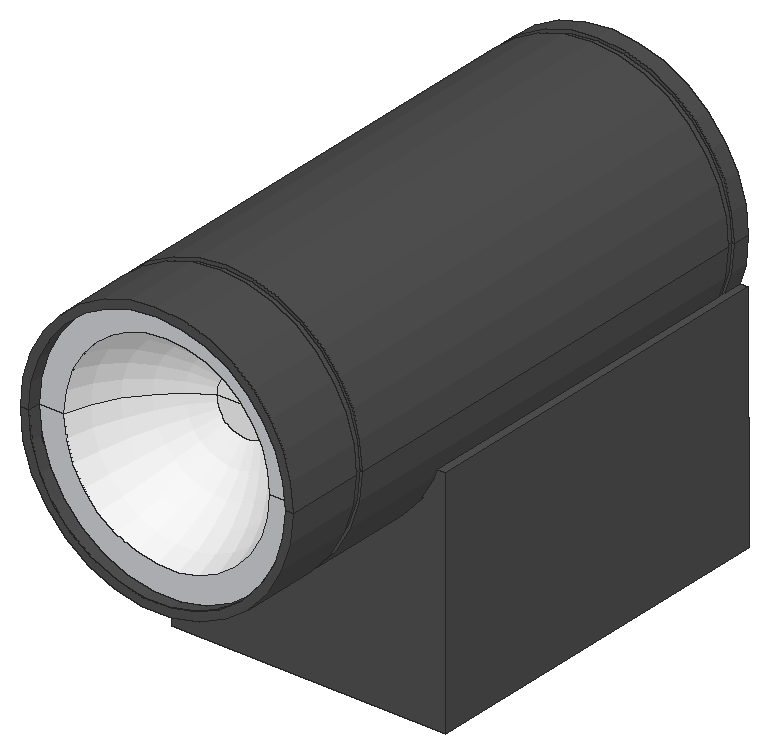
Revit family "0047058", category Lighting Fixtures, host Face, Revit 2016
Family settings
  Host = Face
  Part Type = Normal
  Round Connector Dimension = Use Diameter
  OmniClass Number = 23.80.70.00
  OmniClass Title = Lighting
  Cut with Voids When Loaded = No
  Light Source = Yes
  Shared = No
  Room Calculation Point = No
Parameters (values of type "0047058 ST SRF WLL R IP54 465LM 830 BLK")
  Weight = "8.0 kg"
  Wattage Comments = ""
  Wattage = 7 W
  WarrantyStartDate [instance] = "n/a"
  WarrantyGuarantorParts = "n/a"
  WarrantyDurationUnit = "n/a"
  WarrantyDurationParts = "n/a"
  WarrantyDescription = "n/a"
  built-in parameter 1150110 = 1 (stored number, unit not read)
  Voltage = 230 V
  URL = "http://www.sylvania-lighting.com"
  TypeName = "START Surface Wall Round IP54 465lm 830 BLK"
  Type Image = <None>
  Type Comments = "n/a"
  built-in parameter 1114217 = 1 (stored number, unit not read)
  Tilt Angle = -90.00°
  built-in parameter 1150109 = 1 (stored number, unit not read)
  built-in parameter 1150134 = 12
  built-in parameter 1150113 = 1 (stored number, unit not read)
  SerialNumber [instance] = "n/a"
  Photometric Web File = "0047058.ies"
  Material_3_SYL = Lens-Sylvania
  PowerFactor = 0.82
  PowerConsumption = "7 W"
  NominalLength = 135 mm
  NominalHeight = 65 mm
  NominalDepth = 99 mm
  Name = "START Surface Wall Round IP54 465lm 830 BLK"
  ModelReference = Name  # "START Surface Wall Round IP54 465lm 830 BLK"
  ModelNumber = "0047058"
  Model = Name  # "START Surface Wall Round IP54 465lm 830 BLK"
  Material = "aluminum housing, glass diffuser"
  ManufacturerName = "Feilo Sylvania"
  Manufacturer = "Feilo Sylvania"
  LuminousEfficacy = "66 lm/W"
  built-in parameter 1150105 = 36.765 (stored number, unit not read)
  Lumens = 462 lm
  LuminaireType = ""
  built-in parameter 1150115 = 1 (stored number, unit not read)
  LightOutputRatio = "n/a"
  built-in parameter 1150137 = (empty or 0)
  built-in parameter 1150139 = (empty or 0)
  LampsType = Lamp  # "LED"
  LampNominalLuminous = "465 lm"
  LampMacAdamStep = "6"
  LampColourTemperature = "4000 K"
  LampColourRenderingIndex = "80"
  built-in parameter 1150112 = 1 (stored number, unit not read)
  built-in parameter 1150114 = 1 (stored number, unit not read)
  Lamp = "LED"
  Keynote = "16500"
  InstallationDate [instance] = "n/a"
  InputVoltage = "n/a"
  InputNominalFrequency = "n/a"
  built-in parameter 1150132 = (empty or 0)
  built-in parameter 1150102 = (empty or 0)
  built-in parameter 1150107 = 4000 (stored number, unit not read)
  built-in parameter 1150138 = (empty or 0)
  IngressProtection = "IP54"
  ImpactProtectionIndex = "IK07"
  built-in parameter 1150106 = 0.36765 (stored number, unit not read)
  IfcExportType = "IfcLightFixtureType"
  IfcExportAs = "IfcLightFixtureType"
  Emit from Circle Diameter = 45 mm
  Emit Shape Visible in Rendering = no
  ElectricShockClassification = "Class I"
  built-in parameter 1150104 = 6.1316 (stored number, unit not read)
  DocumentationLiterature = "http://www.sylvania-lighting.com/product/en-int/products/0047058"
  DimmingControlOptions = "n/a"
  Material_2_SYL = LED-Sylvania
  Dimming Lamp Color Temperature Shift = <None>
  Description = ""
  Default Elevation = 1219.2 mm
  CreatedOn = "1/31/2019"
  CreatedBy = "@sylvania-lighting.com"
  Cost = 0
  Color Filter = 16777215
  built-in parameter 1114216 [instance] = (empty or 0)
  ClassificationValue = "EF_70_80"
  ClassificationName = "Uniclass2015"
  Material_1_SYL = Body-Sylvania-STARTSurfaceWall
  BarCode [instance] = "n/a"
  built-in parameter 1114218 = 1 (stored number, unit not read)
  built-in parameter 1150133 = 10 (stored number, unit not read)
  AssetType = "Fixed"
  AssetIdentifier [instance] = "n/a"
  Assembly Code = "D5020200"
  Apparent Load = 7 VA
  Material_4_SYL = Reflector-Sylvania
Reference planes
  plane 1 "Center (Front/Back)": y = 0
  plane 2: z = 0
  plane 3 "Center (Left/Right)": x = 0
  plane 4: y = 45
  plane 5: y = -45
  plane 6: y = -90
  plane 7: x = 32.5
  plane 8: x = -32.5
  plane 9: z = 99
  plane 10: z = 66.5
  plane 11: z = 55.5
  plane 12: y = -69.5
  plane 13: y = -71.5
  plane 14: x = -31.7
  plane 15: y = 41
  plane 16: y = 39
  plane 17: x = -24.5
  plane 18: x = -30.5
  plane 19: y = -63.75
  plane 20: y = -87
  plane 21: x = -6.875
Forms (mm)
  Extrusion 1, solid, material "Body-Sylvania-STARTSurfaceWall" <- "Material_1_SYL"
    sketch origin (0, 0, 0) x (1, 0, 0) y (0, 0, 1)
      loop
        line (-32.5, 0) -> (32.5, 0) -> (32.5, 55.5) -> (30.582, 55.5)
        arc (30.582, 55.5) -> (0, 34) -> (-30.582, 55.5) r 32.5
        line (-30.582, 55.5) -> (-32.5, 55.5) -> (-32.5, 0)
    from -45 to 45
  Revolve 2, solid, material "Body-Sylvania-STARTSurfaceWall" <- "Material_1_SYL"
    sketch origin (1659.773, -4572, 66.5) x (0, -1, 0) y (1, 0, 0)
      loop
        line (-4617, -1659.773) -> (-4617, -1692.273) -> (-4613, -1692.273) -> (-4613, -1691.473) -> (-4611, -1691.473) -> (-4611, -1692.273) -> (-4502.5, -1692.273) -> (-4502.5, -1691.473) -> (-4500.5, -1691.473) -> (-4500.5, -1692.273) -> (-4482, -1692.273) -> (-4482, -1690.273) -> (-4613, -1690.273) -> (-4613, -1659.773) -> (-4617, -1659.773)
      axis (-4617, -1659.773) -> (-4482, -1659.773)
    angle from 360 to 0
  Extrusion 3, solid, material "Lens-Sylvania" <- "Material_3_SYL"
    sketch origin (1524, -87, 1219.2) x (1, 0, 0) y (0, 0, 1)
      loop
        circle (-1524, -1152.7) r 30.5
    from 0 to 3
  Revolve 4, solid
    sketch origin (1659.773, -4572, 66.5) x (0, -1, 0) y (1, 0, 0)
      loop
        arc (-4485, -1684.273) -> (-4498.544, -1677.992) -> (-4508.25, -1666.648) r 35.082
        line (-4508.25, -1666.648) -> (-4508.25, -1659.773) -> (-4611, -1659.773) -> (-4611, -1690.273) -> (-4485, -1690.273) -> (-4485, -1684.273)
      axis (-4611, -1659.773) -> (-4485, -1659.773)
    angle from 360 to 0
Lines and regions (mm)
  Split face 1
    outline origin (1524, -90, 1219.2) x (1, 0, 0) y (0, 0, 1)
      loop
        circle (-1524, -1152.7) r 24.5
  reference lines
    curve 1: circle (0, 0, 66.5) r 32.5 normal (0, -1, 0)
    curve 2: circle (0, -90, 66.5) r 24.5 normal (0, -1, 0)
Dimensions and locks
  locked: plane 9 to plane 2 at 99
  equal spacing: plane 8, plane 3 "Center (Left/Right)", plane 7
  locked: plane 8 to plane 7 at 65
  locked: plane 9 to plane 10 at 32.5
  locked: plane 10 to plane 11 at 11
  locked: plane 13 to plane 12 at 2
  locked: plane 8 to plane 14 at 0.8
  plane 16 to plane 15 to plane 4 = 2 mm locked, 4 mm locked
  locked: plane 8 to plane 17 at 8
  locked: plane 8 to plane 18 at 2
  locked: plane 21 to plane 3 "Center (Left/Right)" at 6.875
  locked: plane 1 "Center (Front/Back)" to plane 4 at 45
  locked: plane 6 to plane 4 at 135
  locked: plane 5 to plane 4 at 90
  plane 12 to plane 19 to plane 4 = 5.75 mm locked, 108.75 mm locked
  locked: plane 6 to plane 20 at 3
  aligned and locked: plane 2 to host face
  aligned and locked: level to host face
  aligned and locked: plane 3 "Center (Left/Right)" to curve 1
  aligned and locked: plane 10 to curve 1
  aligned and locked: Extrusion 1 sketch curve to curve 1
  aligned and locked: plane 7 to Extrusion 1 sketch curve
  aligned and locked: Extrusion 1 sketch curve to host face
  aligned and locked: plane 11 to Extrusion 1 sketch curve  (x2)
  aligned and locked: plane 5 to Extrusion 1
  aligned and locked: Extrusion 1 to plane 4
  aligned and locked: plane 3 "Center (Left/Right)" to Revolve 2 sketch curve
  aligned and locked: Revolve 2 sketch curve to Extrusion 1  (x2)
  aligned and locked: plane 15 to Revolve 2 sketch curve
  aligned and locked: plane 14 to Revolve 2 sketch curve  (x2)
  aligned and locked: plane 16 to Revolve 2 sketch curve
  aligned and locked: plane 8 to Revolve 2 sketch curve  (x2)
  aligned and locked: Revolve 2 sketch curve to plane 12
  aligned and locked: plane 13 to Revolve 2 sketch curve
  aligned and locked: Revolve 2 sketch curve to plane 6
  aligned and locked: Revolve 2 sketch curve to plane 15
  aligned and locked: Revolve 2 sketch curve to plane 3 "Center (Left/Right)"
  aligned and locked: plane 3 "Center (Left/Right)" to curve 2
  aligned and locked: plane 10 to curve 2
  aligned and locked: plane 3 "Center (Left/Right)" to Extrusion 3 sketch curve
  aligned and locked: plane 10 to Extrusion 3 sketch curve
  aligned and locked: plane 6 to Extrusion 3
  aligned and locked: Extrusion 3 to plane 20
  aligned and locked: Split face 1 sketch curve to curve 2
  aligned and locked: plane 3 "Center (Left/Right)" to Revolve 4 sketch curve  (x2)
  aligned and locked: plane 20 to Revolve 4 sketch curve
  aligned and locked: Revolve 4 sketch curve to plane 18
  aligned and locked: Revolve 4 sketch curve to plane 16
  aligned and locked: imposter light to plane 10
  aligned and locked: plane 6 to imposter light
  aligned and locked: plane 3 "Center (Left/Right)" to imposter light
Automatic sketch dimensions
  host sketch curve to host sketch curve = 2438.4 mm  (x2)
  Extrusion 1 sketch curve to plane 8 = 0 mm
  Extrusion 1 sketch curve to plane 7 = 0 mm
  Revolve 2 sketch curve to plane 18 = 0 mm
  Revolve 2 sketch curve to plane 4 = 1479 mm
  plane 6 to Revolve 2 sketch curve = 1440 mm
  plane 19 to Revolve 4 sketch curve = 0 mm
  Revolve 4 sketch curve to plane 17 = 0 mm
  Revolve 4 sketch curve to plane 21 = 0 mm
  plane 6 to Revolve 4 sketch curve = 4.649 mm
  Revolve 4 sketch curve to plane 4 = 1479 mm
  Revolve 4 sketch curve to Revolve 4 sketch curve = 1435.351 mm
  radius of curve 1 = 32.5 mm
  radius of curve 2 = 24.5 mm
  radius of Extrusion 3 sketch curve = 30.5 mm
